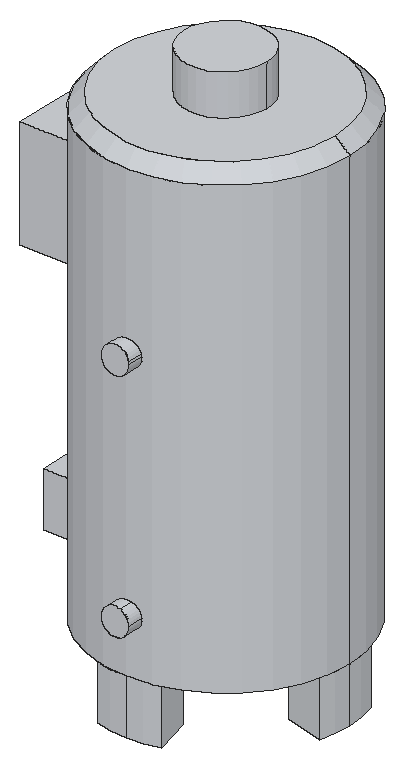
Revit family "M_Caldeira de água quente - 59-440 kW", category Equipamento mecânico, Revit 2019
Family settings
  Cota do conector redondo = Usar raio
  Tipo de parte = Normal
  Número OmniClass = 23.75.10.11.14
  Título OmniClass = Hot Water Heat Generators
  ID de item do Seek = Hot Water Boiler - 59-440 kW-0000-CAN-ENU
  Com base no plano de trabalho = Não
  Sempre na vertical = Sim
  Corte com vazios quando carregada = Não
  Compartilhado = Não
  Ponto de cálculo do ambiente = Não
Parameters (values of type "59 kW")
  Queda de pressão da água [instance] = 276000.0 Pa
  Fluxo da água [instance] = 0.25 L/s
  Voltagem = 460 V
  Raio da ventilação = 75 mm
  Diâmetro da ventilação = Raio da ventilação * 2  # 150 mm
  Raio da caixa de ventilação = Diâmetro da caixa de ventilação / 2  # 76 mm
  Altura da caixa de ventilação = 76 mm
  Diâmetro da caixa de ventilação = 152 mm
  Raio 1 = Raio da caldeira - 76.2 mm  # 152.3 mm
  Calor de saída [instance] = 50000 W
  Número de pólos = 3
  Classificação de carga = Aquecimento
  Calor de entrada [instance] = 59000 W
  Fluxo de gás [instance] = 0.19 L/s
  Queda de pressão do ar de exaustão [instance] = 0.0 Pa
  Fluxo do ar de exaustão [instance] = 0.0 L/s
  Carga aparente = 58000 VA
  Raio da água quente = 20 mm
  Diâmetro da água quente = Raio da água quente * 2  # 40 mm
  Material do boiler = none
  Raio do gás = 10 mm
  Diâmetro do gás = Raio do gás * 2  # 20 mm
  Largura da caixa elétrica = 89 mm
  Comprimento da caixa elétrica = 152 mm
  Altura da caixa elétrica = 203 mm
  Raio da água gelada = 20 mm
  Diâmetro da água gelada = Raio da água gelada * 2  # 40 mm
  Raio superior da caldeira = Diâmetro superior da caldeira / 2  # 203.5 mm
  Diâmetro superior da caldeira = Diâmetro da caldeira - 50 mm  # 407 mm
  Raio da caldeira = Diâmetro da caldeira / 2  # 228.5 mm
  Altura da caldeira = 838 mm
  Diâmetro da caldeira = 457 mm
Types (5, lengths in mm): name | Queda de pressão da água | Fluxo da água | Voltagem | Raio da ventilação | Diâmetro da ventilação | Raio da caixa de ventilação | Altura da caixa de ventilação | Diâmetro da caixa de ventilação | Raio 1 | Calor de saída | Calor de entrada | Fluxo de gás | Carga aparente | Raio do gás | Diâmetro do gás | Largura da caixa elétrica | Comprimento da caixa elétrica | Altura da caixa elétrica | Raio superior da caldeira | Diâmetro superior da caldeira | Raio da caldeira | Altura da caldeira | Diâmetro da caldeira
  (no name) | 276000.0 Pa | 0.25 L/s | 460 V | 75 | 150 | 76 | 76 | 152 | 152.3 | 50000 W | 59000 W | 0.19 L/s | 58000 VA | 10 | 20 | 89 | 152 | 203 | 203.5 | 407 | 228.5 | 838 | 457
  59 kW | 276000.0 Pa | 0.25 L/s | 460 V | 75 | 150 | 76 | 76 | 152 | 152.3 | 50000 W | 59000 W | 0.19 L/s | 58000 VA | 10 | 20 | 89 | 152 | 203 | 203.5 | 407 | 228.5 | 838 | 457
  147 kW | 83000.0 Pa | 0.32 L/s | 460 V | 125 | 250 | 127 | 102 | 254 | 228.8 | 125000 W | 147000 W | 0.44 L/s | 146000 VA | 12.5 | 25 | 94 | 203 | 203 | 280 | 560 | 305 | 965 | 610
  322 kW | 328000.0 Pa | 0.57 L/s | 208 V | 175 | 350 | 178 | 152 | 356 | 330.3 | 274000 W | 322000 W | 0.44 L/s | 322000 VA | 16 | 32 | 89 | 203 | 305 | 381.5 | 763 | 406.5 | 1156 | 813
  440 kW | 76000.0 Pa | 0.32 L/s | 208 V | 200 | 400 | 203 | 152 | 406 | 368.3 | 374000 W | 440000 W | 0.44 L/s | 440000 VA | 16 | 32 | 154 | 305 | 508 | 419.5 | 839 | 444.5 | 1257 | 889
Reference planes
  plane 1 "Centro (Frente/Trás)": y = 0
  plane 2: z = 0
  plane 3 "Centro (Esquerda/Direita)": x = 0
  plane 4: y = 228.5
  plane 5: y = -228.5
  plane 6: x = -228.5
  plane 7: x = 228.5
  plane 8: z = 101.6
  plane 9: z = 939.6
  plane 10: z = 965
  plane 11: z = 1041
  plane 12: x = -317.5
  plane 13: y = 76
  plane 14: y = -76
  plane 15: z = 838
  plane 16: z = 635
  plane 17: x = -304.7
  plane 18: y = 38.1
  plane 19: y = -38.1
  plane 20: z = 152.4
  plane 21: z = 254
  plane 22 "PlantaRef1": y = -253.9
  plane 23: z = 634.8
  plane 24: z = 203.2
  plane 25: y = -203.1
Forms (mm)
  Extrusion 1, solid, material <- "Material do boiler"
    sketch origin (0, 0, 0) x (1, 0, 0) y (0, 1, 0)
      loop
        arc (-220.714, 59.14) -> (-226.545, 29.825) -> (-228.5, 0) r 228.5
        arc (-228.5, 0) -> (-226.545, -29.825) -> (-220.714, -59.14) r 228.5
        line (-220.714, -59.14) -> (-147.111, -39.418)
        arc (-147.111, -39.418) -> (-150.997, -19.879) -> (-152.3, 0) r 152.3
        arc (-152.3, 0) -> (-150.997, 19.879) -> (-147.111, 39.418) r 152.3
        line (-147.111, 39.418) -> (-220.714, 59.14)
      loop
        arc (0, 228.5) -> (-29.825, 226.545) -> (-59.14, 220.714) r 228.5
        line (-59.14, 220.714) -> (-39.418, 147.111)
        arc (-39.418, 147.111) -> (-19.879, 150.997) -> (0, 152.3) r 152.3
        arc (0, 152.3) -> (19.879, 150.997) -> (39.418, 147.111) r 152.3
        line (39.418, 147.111) -> (59.14, 220.714)
        arc (59.14, 220.714) -> (29.825, 226.545) -> (0, 228.5) r 228.5
      loop
        line (220.714, 59.14) -> (147.111, 39.418)
        arc (147.111, 39.418) -> (150.997, 19.879) -> (152.3, 0) r 152.3
        arc (152.3, 0) -> (150.997, -19.879) -> (147.111, -39.418) r 152.3
        line (147.111, -39.418) -> (220.714, -59.14)
        arc (220.714, -59.14) -> (226.545, -29.825) -> (228.5, 0) r 228.5
        arc (228.5, 0) -> (226.545, 29.825) -> (220.714, 59.14) r 228.5
      loop
        arc (0, -228.5) -> (29.825, -226.545) -> (59.14, -220.714) r 228.5
        line (59.14, -220.714) -> (39.418, -147.111)
        arc (39.418, -147.111) -> (19.879, -150.997) -> (0, -152.3) r 152.3
        arc (0, -152.3) -> (-19.879, -150.997) -> (-39.418, -147.111) r 152.3
        line (-39.418, -147.111) -> (-59.14, -220.714)
        arc (-59.14, -220.714) -> (-29.825, -226.545) -> (0, -228.5) r 228.5
    from 0 to 101.6
  Extrusion 2, solid, material <- "Material do boiler"
    sketch origin (0, 0, 0) x (1, 0, 0) y (0, 1, 0)
      loop
        circle (0, 0) r 228.5
    from 101.6 to 939.6
  Blend 3, solid, material <- "Material do boiler"
    base sketch origin (0, 0, 0) x (1, 0, 0) y (0, 1, 0)
      loop
        circle (0, 0) r 228.5
    top sketch origin (0, 0, 0) x (1, 0, 0) y (0, 1, 0)
      loop
        circle (0, 0) r 203.5
    from 939.6 to 965
  Extrusion 4, solid, material <- "Material do boiler"
    sketch origin (0, 0, 0) x (1, 0, 0) y (0, 1, 0)
      loop
        circle (0, 0) r 76
    from 965 to 1041
  Extrusion 5, solid, material <- "Material do boiler"
    sketch origin (0, 0, 0) x (1, 0, 0) y (0, 1, 0)
      loop
        line (-317.5, -76) -> (0, -76) -> (0, 76) -> (-317.5, 76) -> (-317.5, -76)
    from 635 to 838
  Extrusion 6, solid, material <- "Material do boiler"
    sketch origin (0, 0, 0) x (1, 0, 0) y (0, 1, 0)
      loop
        line (-304.7, -38.1) -> (0, -38.1) -> (0, 38.1) -> (-304.7, 38.1) -> (-304.7, -38.1)
    from 152.4 to 254
  Extrusion 7, solid, material <- "Material do boiler", detail levels fine
    sketch origin (0, -253.9, 0) x (-1, 0, 0) y (0, 0, 1)
      loop
        circle (0, 634.8) r 25.4
    from 0 to 50.8
  Extrusion 8, solid, material <- "Material do boiler", detail levels fine
    sketch origin (0, -253.9, 0) x (-1, 0, 0) y (0, 0, 1)
      loop
        circle (0, 203.2) r 25.4
    from 0 to 50.8
  Extrusion 9, solid
    sketch origin (0, 0, 0) x (1, 0, 0) y (0, 0, 1)
      loop
        circle (0, 634.8) r 25.4
      loop
        circle (0, 203.2) r 25.4
    from 203.1 to 253.9
Cuts and joins
  joined: Blend 3, Extrusion 4, Extrusion 5
Lines and regions (mm)
  symbolic lines, detail levels coarse+medium
    curve 1: line (0, -228.5, 634.8) -> (0, -253.9, 634.8)
    curve 2: line (0, -228.5, 203.2) -> (0, -253.9, 203.2)
Dimensions and locks
  "Diâmetro da caldeira": plane 6 to plane 7
  equal spacing: plane 6, plane 3 "Centro (Esquerda/Direita)", plane 7
  "Diâmetro da caldeira": plane 4 to plane 5
  equal spacing: plane 4, plane 1 "Centro (Frente/Trás)", plane 5
  locked: plane 2 to plane 8 at 101.6
  locked: Extrusion 1 sketch curve to Extrusion 1 sketch curve at 76.2  (x2)
  "Altura da caldeira": plane 8 to plane 9
  locked: plane 9 to plane 10 at 25.4
  "Altura da caixa de ventilação": plane 10 to plane 11
  "Largura da caixa elétrica": plane 12 to plane 6
  equal spacing: plane 13, plane 1 "Centro (Frente/Trás)", plane 14
  "Comprimento da caixa elétrica": plane 13 to plane 14
  locked: plane 15 to plane 10 at 127
  "Altura da caixa elétrica": plane 16 to plane 15
  locked: plane 17 to plane 6 at 76.2
  locked: plane 1 "Centro (Frente/Trás)" to plane 18 at 38.1
  locked: plane 19 to plane 1 "Centro (Frente/Trás)" at 38.1
  locked: plane 8 to plane 20 at 50.8
  locked: plane 20 to plane 21 at 101.6
  locked: plane 5 to plane 22 "PlantaRef1" at 25.4
  locked: plane 23 to plane 9 at 304.8
  locked: plane 8 to plane 24 at 101.6
  locked: plane 25 to plane 5 at 25.4
  "Raio da caldeira": radius of Extrusion 1 sketch curve  (x6)
  "Raio 1": radius of Extrusion 1 sketch curve  (x5)
  "Raio da caldeira": radius of Extrusion 2 sketch curve
  "Raio da caldeira": radius of Blend 3 sketch curve
  "Raio superior da caldeira": radius of Blend 3 sketch curve
  "Raio da caixa de ventilação": radius of Extrusion 4 sketch curve
  radius of Extrusion 7 sketch curve = 25.4 mm
  radius of Extrusion 8 sketch curve = 25.4 mm
  radius of Extrusion 9 sketch curve = 25.4 mm  (x2)
  locked: Extrusion 1 sketch curve to Extrusion 1 sketch curve (angle 15.00°)  (x14)
  angle Extrusion 1 sketch curve to Extrusion 1 sketch curve = 15.00°
  locked: Extrusion 1 sketch curve to plane 1 "Centro (Frente/Trás)" (angle 15.00°)  (x2)
  locked: plane 1 "Centro (Frente/Trás)" to Extrusion 1 sketch curve (angle 15.00°)  (x2)
  locked: plane 3 "Centro (Esquerda/Direita)" to Extrusion 1 sketch curve (angle 15.00°)
  locked: Extrusion 1 sketch curve to plane 3 "Centro (Esquerda/Direita)" (angle 15.00°)
  aligned and locked: plane 6 to Extrusion 1 sketch curve
  aligned and locked: Extrusion 1 to plane 2
  aligned and locked: plane 8 to Extrusion 1
  aligned and locked: plane 1 "Centro (Frente/Trás)" to Extrusion 1 sketch curve
  aligned and locked: plane 3 "Centro (Esquerda/Direita)" to Extrusion 1 sketch curve  (x4)
  aligned and locked: plane 3 "Centro (Esquerda/Direita)" to Extrusion 2 sketch curve
  aligned and locked: plane 1 "Centro (Frente/Trás)" to Extrusion 2 sketch curve
  aligned and locked: Extrusion 2 to Extrusion 1
  aligned and locked: plane 9 to Extrusion 2
  aligned and locked: plane 3 "Centro (Esquerda/Direita)" to Blend 3 sketch curve  (x2)
  aligned and locked: plane 1 "Centro (Frente/Trás)" to Blend 3 sketch curve  (x2)
  aligned and locked: plane 10 to Blend 3
  aligned and locked: Blend 3 to Extrusion 2
  aligned and locked: plane 1 "Centro (Frente/Trás)" to Extrusion 4 sketch curve
  aligned and locked: plane 11 to Extrusion 4
  aligned and locked: Extrusion 4 to plane 10
  aligned and locked: plane 12 to Extrusion 5 sketch curve
  aligned and locked: Extrusion 5 sketch curve to plane 14
  aligned and locked: Extrusion 5 sketch curve to plane 13
  aligned and locked: plane 3 "Centro (Esquerda/Direita)" to Extrusion 5 sketch curve
  aligned and locked: plane 3 "Centro (Esquerda/Direita)" to Extrusion 4 sketch curve
  aligned and locked: plane 15 to Extrusion 5
  aligned and locked: Extrusion 5 to plane 16
  aligned and locked: plane 17 to Extrusion 6 sketch curve
  aligned and locked: Extrusion 6 sketch curve to plane 19
  aligned and locked: Extrusion 6 sketch curve to plane 18
  aligned and locked: plane 3 "Centro (Esquerda/Direita)" to Extrusion 6 sketch curve
  aligned and locked: Extrusion 6 to plane 20
  aligned and locked: plane 21 to Extrusion 6
  aligned and locked: plane 3 "Centro (Esquerda/Direita)" to Extrusion 7 sketch curve
  aligned and locked: Extrusion 7 to plane 22 "PlantaRef1"
  aligned and locked: plane 3 "Centro (Esquerda/Direita)" to Extrusion 8 sketch curve
  aligned and locked: plane 24 to Extrusion 8 sketch curve
  aligned and locked: Extrusion 8 to plane 22 "PlantaRef1"
  aligned and locked: plane 23 to Extrusion 7 sketch curve
  aligned and locked: curve 1 to plane 3 "Centro (Esquerda/Direita)"
  aligned and locked: plane 22 "PlantaRef1" to curve 1
  aligned and locked: plane 5 to curve 1
  aligned and locked: curve 2 to plane 3 "Centro (Esquerda/Direita)"
  aligned and locked: plane 22 "PlantaRef1" to curve 2
  aligned and locked: plane 5 to curve 2
  aligned and locked: Extrusion 7 to plane 25
  aligned and locked: Extrusion 8 to Extrusion 7
  aligned and locked: plane 23 to Extrusion 9 sketch curve
  aligned and locked: plane 3 "Centro (Esquerda/Direita)" to Extrusion 9 sketch curve  (x2)
  aligned and locked: plane 24 to Extrusion 9 sketch curve
  aligned and locked: Extrusion 9 to plane 22 "PlantaRef1"
  aligned and locked: Extrusion 9 to plane 25
Automatic sketch dimensions
  Extrusion 1 sketch curve to Extrusion 1 sketch curve = 0 mm  (x7)
  Extrusion 1 sketch curve to plane 5 = 0 mm
Connectors
  piping at (0, -254, 635), diameter 40, driven by "Raio da água quente", driven by "Queda de pressão da água", driven by "Fluxo da água"
    settings: on cut or joined group of Blend 3, Extrusion 4, Extrusion 5, index 1, connector inside diameter 40 mm, connector length 0 mm, flow factor 0, pipe flow 0.25 L/s, pressure drop 276000.0 Pa, fitting loss kfactor 0, connector angle 0.00°, fixture units 0, engagement length 0 mm, angle of deflection 0.00°, flow configuration 0, flow direction 2, fitting loss method 4, system type 7, joint type 0, gender type 0, connector reference index 2, connector utility 0, adjustable connector no, is connector primary yes, connector description "Saída de água quente"
  piping at (0, -254, 203.2), diameter 40, driven by "Raio da água gelada", driven by "Fluxo da água"
    settings: on cut or joined group of Blend 3, Extrusion 4, Extrusion 5, index 2, connector inside diameter 40 mm, connector length 0 mm, flow factor 0, pipe flow 0.25 L/s, pressure drop 0.0 Pa, fitting loss kfactor 0, connector angle 0.00°, fixture units 0, engagement length 0 mm, angle of deflection 0.00°, flow configuration 0, flow direction 1, fitting loss method 4, system type 8, joint type 0, gender type 0, connector reference index 1, connector utility 0, adjustable connector no, is connector primary no, connector description "Entrada de água gelada"
  piping at (-304.8, 0, 203.2), diameter 20, driven by "Raio do gás", driven by "Fluxo de gás"
    settings: on cut or joined group of Blend 3, Extrusion 4, Extrusion 5, index 3, connector inside diameter 20 mm, connector length 0 mm, flow factor 0, pipe flow 0.19 L/s, pressure drop 0.0 Pa, fitting loss kfactor 0, connector angle 0.00°, fixture units 0, engagement length 0 mm, angle of deflection 0.00°, flow configuration 1, flow direction 1, fitting loss method 4, system type 22, joint type 0, gender type 0, connector reference index -1, connector utility 0, adjustable connector no, is connector primary no, connector description "Entrada de gás"
  electrical at (-158.75, -76, 736.5), driven by "Voltagem", driven by "Número de pólos", driven by "Carga aparente", driven by "Classificação de carga"
    settings: on cut or joined group of Blend 3, Extrusion 4, Extrusion 5, index 5, voltage 460 V, apparent load 58000 VA, apparent load phase1 0 VA, apparent load phase2 0 VA, apparent load phase3 0 VA, power factor 0.8, load classification "Aquecimento", number of poles 3, system type 30, power factor state 1, is connector primary yes, connector utility no, sub classification motor no, connector description ""
  hvac at (0, 0, 1041), driven by "Raio da ventilação", driven by "Fluxo do ar de exaustão", driven by "Queda de pressão do ar de exaustão"
    settings: on cut or joined group of Blend 3, Extrusion 4, Extrusion 5, index 6, duct flow 0.0 L/s, flow factor 0, pres drop 0.0 Pa, loss coef 0, conn angle 0.00°, conn width 304.8 mm, conn height 304.8 mm, conn diameter 150 mm, duct sys type 3, conn prof type 0, flow config 1, flow direction 2, loss method 4, conn ref index -1, conn util no, is conn primary yes, conn desc ""
